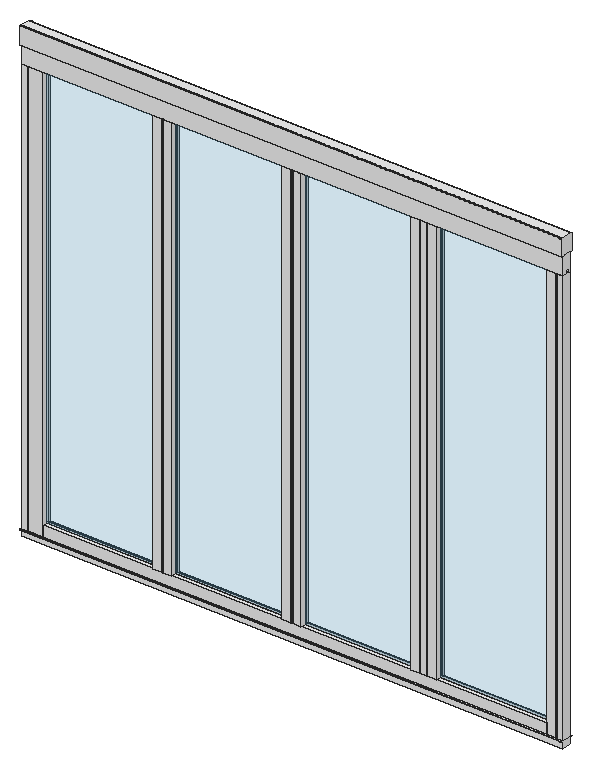
Revit family "98126", category Windows, host Wall, Revit 2018 (continued)
Definition of nested family "Header_HSW60"
  Definition of nested family "Headbottom_HSW60"
    Lines and regions (in)
      model lines, in view "Ref. Level"
        curve 423: line (-0.35496, -8.27911, 0) -> (-0.32789, -8.27911, 0)
        curve 424: line (-0.2442, -8.38461, 0) -> (-0.29373, -8.29883, 0)
        curve 425: line (-0.29373, -8.29883, 0) -> (-0.2442, -8.38461, 0)
        curve 426: line (0.21005, -8.40433, 0) -> (-0.21005, -8.40433, 0)
        curve 427: line (-0.21005, -8.40433, 0) -> (0.21005, -8.40433, 0)
        curve 428: line (0.29373, -8.29883, 0) -> (0.2442, -8.38461, 0)
        curve 429: line (0.2442, -8.38461, 0) -> (0.29373, -8.29883, 0)
        curve 430: line (0.4654, -8.23473, 0) -> (0.4441, -8.23473, 0)
        curve 431: line (0.4441, -8.23473, 0) -> (0.3684, -8.27844, 0)
        curve 432: line (0.36725, -8.27911, 0) -> (0.35496, -8.27911, 0)
        curve 433: line (0.35496, -8.27911, 0) -> (0.32789, -8.27911, 0)
        curve 434: line (0.32789, -8.27911, 0) -> (0.35496, -8.27911, 0)
        curve 435: line (0.35496, -8.27911, 0) -> (0.36725, -8.27911, 0)
        curve 436: line (0.3684, -8.27844, 0) -> (0.4441, -8.23473, 0)
        curve 437: line (0.4441, -8.23473, 0) -> (0.4654, -8.23473, 0)
        curve 438: line (0.35749, -8.35799, 0) -> (0.36725, -8.35799, 0)
        curve 439: line (0.3684, -8.35865, 0) -> (0.4441, -8.40236, 0)
        curve 440: line (0.4441, -8.40236, 0) -> (0.4654, -8.40236, 0)
        curve 441: line (0.4654, -8.40236, 0) -> (0.4441, -8.40236, 0)
        curve 442: line (0.4441, -8.40236, 0) -> (0.3684, -8.35865, 0)
        curve 443: line (0.36725, -8.35799, 0) -> (0.35749, -8.35799, 0)
        curve 444: line (0.35749, -8.35799, 0) -> (0.33239, -8.45147, 0)
        curve 445: line (0.33239, -8.45148, 0) -> (0.35523, -8.36623, 0)
        curve 446: line (-0.2647, -8.47927, 0) -> (0.2647, -8.47927, 0)
        curve 447: line (0.2647, -8.47927, 0) -> (-0.2647, -8.47927, 0)
        curve 448: line (0.28178, -8.46941, 0) -> (0.34041, -8.36785, 0)
        curve 449: line (0.34041, -8.36785, 0) -> (0.28178, -8.46941, 0)
        curve 450: line (-0.34041, -7.51988, 0) -> (-0.28178, -7.41832, 0)
        curve 451: line (-0.28178, -7.41832, 0) -> (-0.34041, -7.51988, 0)
        curve 452: line (-0.47329, -7.49325, 0) -> (-0.47329, -7.6451, 0)
        curve 453: line (-0.47329, -7.6451, 0) -> (-0.47329, -7.49325, 0)
        curve 454: line (-0.47329, -7.49325, 0) -> (-0.47329, -7.6451, 0)
        curve 455: line (-0.47329, -7.6451, 0) -> (-0.47329, -7.49325, 0)
        curve 456: line (-0.47329, -7.49325, 0) -> (-0.47329, -7.6451, 0)
        curve 457: line (-0.47329, -7.6451, 0) -> (-0.47329, -7.49325, 0)
        curve 458: line (-0.32789, -7.60862, 0) -> (-0.35496, -7.60862, 0)
        curve 459: line (-0.35496, -7.60862, 0) -> (-0.36725, -7.60862, 0)
        curve 460: line (-0.3684, -7.60929, 0) -> (-0.4441, -7.65299, 0)
        curve 461: line (-0.4441, -7.65299, 0) -> (-0.4654, -7.65299, 0)
        curve 462: line (-0.4654, -7.65299, 0) -> (-0.4441, -7.65299, 0)
        curve 463: line (-0.4441, -7.65299, 0) -> (-0.3684, -7.60929, 0)
        curve 464: line (-0.36725, -7.60862, 0) -> (-0.35496, -7.60862, 0)
        curve 465: line (-0.35496, -7.60862, 0) -> (-0.32789, -7.60862, 0)
        curve 466: line (-0.2442, -7.50311, 0) -> (-0.29373, -7.5889, 0)
        curve 467: line (-0.29373, -7.5889, 0) -> (-0.2442, -7.50311, 0)
        curve 468: line (0.21005, -7.48339, 0) -> (-0.21005, -7.48339, 0)
        curve 469: line (-0.21005, -7.48339, 0) -> (0.21005, -7.48339, 0)
        curve 470: line (0.29373, -7.5889, 0) -> (0.2442, -7.50311, 0)
        curve 471: line (0.2442, -7.50311, 0) -> (0.29373, -7.5889, 0)
        curve 472: line (0.47329, -7.49325, 0) -> (0.47329, -7.6451, 0)
        curve 473: line (0.47329, -7.6451, 0) -> (0.47329, -7.49325, 0)
        curve 474: line (0.47329, -7.49325, 0) -> (0.47329, -7.6451, 0)
        curve 475: line (0.47329, -7.6451, 0) -> (0.47329, -7.49325, 0)
        curve 476: line (0.47329, -7.49325, 0) -> (0.47329, -7.6451, 0)
        curve 477: line (0.47329, -7.6451, 0) -> (0.47329, -7.49325, 0)
        curve 478: line (0.33239, -7.43625, 0) -> (0.35749, -7.52974, 0)
        curve 479: line (0.35749, -7.52974, 0) -> (0.36725, -7.52974, 0)
        curve 480: line (0.3684, -7.52907, 0) -> (0.4441, -7.48537, 0)
        curve 481: line (0.4441, -7.48537, 0) -> (0.4654, -7.48537, 0)
        curve 482: line (0.4654, -7.48537, 0) -> (0.4441, -7.48537, 0)
        curve 483: line (0.4441, -7.48537, 0) -> (0.3684, -7.52907, 0)
        curve 484: line (0.36725, -7.52974, 0) -> (0.35749, -7.52974, 0)
        curve 485: line (0.35749, -7.52974, 0) -> (0.33239, -7.43625, 0)
        curve 486: line (0.28178, -7.41832, 0) -> (0.34041, -7.51988, 0)
        curve 487: line (0.34041, -7.51988, 0) -> (0.28178, -7.41832, 0)
        curve 488: line (-0.2647, -7.40846, 0) -> (0.2647, -7.40846, 0)
        curve 489: line (0.2647, -7.40846, 0) -> (-0.2647, -7.40846, 0)
        curve 490: line (1.01362, -4.94639, 0) -> (1.01362, -4.96611, 0)
        curve 491: line (1.01362, -4.96611, 0) -> (1.07278, -4.96611, 0)
        curve 492: line (1.07278, -4.96611, 0) -> (1.07278, -5.01738, 0)
        curve 493: line (1.07278, -5.01738, 0) -> (1.0294, -5.01738, 0)
        curve 494: line (1.0294, -5.01738, 0) -> (1.0294, -5.0371, 0)
        curve 495: line (1.0294, -5.0371, 0) -> (1.0294, -5.01738, 0)
        curve 496: line (1.0294, -5.01738, 0) -> (1.07278, -5.01738, 0)
        curve 497: line (1.07278, -5.01738, 0) -> (1.07278, -4.96611, 0)
        curve 498: line (1.07278, -4.96611, 0) -> (1.01362, -4.96611, 0)
        curve 499: line (1.01362, -4.96611, 0) -> (1.01362, -4.94639, 0)
        curve 500: line (1.12405, -8.47631, 0) -> (1.17138, -8.47631, 0)
        curve 501: line (1.17138, -8.47631, 0) -> (1.17138, -4.92667, 0)
        curve 502: line (1.17138, -4.92667, 0) -> (1.03334, -4.92667, 0)
        curve 503: line (1.03334, -4.92667, 0) -> (1.17138, -4.92667, 0)
        curve 504: line (1.17138, -4.92667, 0) -> (1.17138, -8.47631, 0)
        curve 505: line (1.17138, -8.47631, 0) -> (1.12405, -8.47631, 0)
        curve 506: line (1.10433, -8.35404, 0) -> (1.10433, -8.45659, 0)
        curve 507: line (1.10433, -8.45659, 0) -> (1.10433, -8.35404, 0)
        curve 508: line (0.93868, -8.1805, 0) -> (1.0008, -8.1805, 0)
        curve 509: line (1.0008, -8.1805, 0) -> (0.93868, -8.1805, 0)
        curve 510: line (0.93079, -8.26727, 0) -> (0.89924, -8.26727, 0)
        curve 511: line (0.89924, -8.26727, 0) -> (0.89924, -8.21994, 0)
        curve 512: line (0.89924, -8.21994, 0) -> (0.89924, -8.26727, 0)
        curve 513: line (0.89924, -8.26727, 0) -> (0.93079, -8.26727, 0)
        curve 514: line (0.90368, -8.43049, 0) -> (0.9495, -8.29324, 0)
        curve 515: line (0.9495, -8.29324, 0) -> (0.90368, -8.43049, 0)
        curve 516: line (0.35144, -8.47631, 0) -> (0.67169, -8.47631, 0)
        curve 517: line (0.67169, -8.47631, 0) -> (0.69218, -8.46448, 0)
        curve 518: line (0.69218, -8.46448, 0) -> (0.71267, -8.47631, 0)
        curve 519: line (0.71267, -8.47631, 0) -> (0.84008, -8.47631, 0)
        curve 520: line (0.84008, -8.47631, 0) -> (0.71267, -8.47631, 0)
        curve 521: line (0.71267, -8.47631, 0) -> (0.69218, -8.46448, 0)
        curve 522: line (0.69218, -8.46448, 0) -> (0.67169, -8.47631, 0)
        curve 523: line (0.67169, -8.47631, 0) -> (0.35144, -8.47631, 0)
        curve 524: line (0.46145, -8.41609, 0) -> (0.44249, -8.40514, 0)
        curve 525: line (0.44249, -8.40514, 0) -> (0.3668, -8.36144, 0)
        curve 526: line (0.3668, -8.36144, 0) -> (0.44249, -8.40514, 0)
        curve 527: line (0.44249, -8.40514, 0) -> (0.46145, -8.41609, 0)
        curve 528: line (0.47329, -8.22783, 0) -> (0.47329, -8.24262, 0)
        curve 529: line (0.47329, -8.24262, 0) -> (0.47329, -8.39447, 0)
        curve 530: line (0.47329, -8.39447, 0) -> (0.47329, -8.40926, 0)
        curve 531: line (0.47329, -8.40926, 0) -> (0.47329, -8.39447, 0)
        curve 532: line (0.47329, -8.39447, 0) -> (0.47329, -8.24262, 0)
        curve 533: line (0.47329, -8.24262, 0) -> (0.47329, -8.39447, 0)
        curve 534: line (0.47329, -8.39447, 0) -> (0.47329, -8.24262, 0)
        curve 535: line (0.47329, -8.24262, 0) -> (0.47329, -8.39447, 0)
        curve 536: line (0.47329, -8.39447, 0) -> (0.47329, -8.24262, 0)
        curve 537: line (0.47329, -8.24262, 0) -> (0.47329, -8.22783, 0)
        curve 538: line (0.3668, -8.27565, 0) -> (0.44249, -8.23195, 0)
        curve 539: line (0.44249, -8.23195, 0) -> (0.46145, -8.221, 0)
        curve 540: line (0.46145, -8.221, 0) -> (0.44249, -8.23195, 0)
        curve 541: line (0.44249, -8.23195, 0) -> (0.3668, -8.27565, 0)
        curve 542: line (0.35496, -8.27911, 0) -> (0.35496, -8.21417, 0)
        curve 543: line (0.35496, -8.21417, 0) -> (0.35496, -8.26882, 0)
        curve 544: line (0.37468, -7.70771, 0) -> (0.47329, -7.76464, 0)
        curve 545: line (0.47329, -7.76464, 0) -> (0.47329, -8.12309, 0)
        curve 546: line (0.47329, -8.12309, 0) -> (0.37468, -8.18001, 0)
        curve 547: line (0.37468, -8.18001, 0) -> (0.47329, -8.12309, 0)
        curve 548: line (0.47329, -8.12309, 0) -> (0.47329, -7.76464, 0)
        curve 549: line (0.47329, -7.76464, 0) -> (0.37468, -7.70771, 0)
        curve 550: line (0.4654, -7.65299, 0) -> (0.4441, -7.65299, 0)
        curve 551: line (0.4441, -7.65299, 0) -> (0.3684, -7.60929, 0)
        curve 552: line (0.36725, -7.60862, 0) -> (0.35496, -7.60862, 0)
        curve 553: line (0.35496, -7.60862, 0) -> (0.32789, -7.60862, 0)
        curve 554: line (0.32789, -7.60862, 0) -> (0.35496, -7.60862, 0)
        curve 555: line (0.35496, -7.60862, 0) -> (0.36725, -7.60862, 0)
        curve 556: line (0.3684, -7.60929, 0) -> (0.4441, -7.65299, 0)
        curve 557: line (0.4441, -7.65299, 0) -> (0.4654, -7.65299, 0)
        curve 558: line (0.4654, -7.65299, 0) -> (0.4441, -7.65299, 0)
        curve 559: line (0.4441, -7.65299, 0) -> (0.3684, -7.60929, 0)
        curve 560: line (0.36725, -7.60862, 0) -> (0.35496, -7.60862, 0)
        curve 561: line (0.35496, -7.60862, 0) -> (0.35496, -7.67355, 0)
        curve 562: line (0.35496, -7.67355, 0) -> (0.35496, -7.60862, 0)
        curve 563: line (0.65866, -7.41142, 0) -> (0.35144, -7.41142, 0)
        curve 564: line (0.35144, -7.41142, 0) -> (0.65866, -7.41142, 0)
        curve 565: line (0.77698, -7.10378, 0) -> (0.77698, -7.29309, 0)
        curve 566: line (0.77698, -7.29309, 0) -> (0.77698, -7.10378, 0)
        curve 567: line (0.93474, -7.08406, 0) -> (0.7967, -7.08406, 0)
        curve 568: line (0.7967, -7.08406, 0) -> (0.93474, -7.08406, 0)
        curve 569: line (1.01362, -6.19714, 0) -> (1.01362, -7.00518, 0)
        curve 570: line (1.01362, -7.00518, 0) -> (1.01362, -6.19714, 0)
        curve 571: line (0.91282, -6.00142, 0) -> (1.00305, -6.1577, 0)
        curve 572: line (1.00305, -6.1577, 0) -> (0.91282, -6.00142, 0)
        curve 573: line (0.6133, -5.99156, 0) -> (0.89575, -5.99156, 0)
        curve 574: line (0.89575, -5.99156, 0) -> (0.6133, -5.99156, 0)
        curve 575: line (0.55768, -6.10646, 0) -> (0.59477, -6.00453, 0)
        curve 576: line (0.59477, -6.00453, 0) -> (0.55768, -6.10646, 0)
        curve 577: line (0.48117, -5.81408, 0) -> (0.48117, -6.09297, 0)
        curve 578: line (0.48117, -6.09297, 0) -> (0.48117, -5.81408, 0)
        curve 579: line (1.03334, -5.79436, 0) -> (0.50089, -5.79436, 0)
        curve 580: line (0.50089, -5.79436, 0) -> (1.03334, -5.79436, 0)
        curve 581: line (1.07278, -5.22247, 0) -> (1.07278, -5.75492, 0)
        curve 582: line (1.07278, -5.75492, 0) -> (1.07278, -5.22247, 0)
        curve 583: line (0.8953, -5.26191, 0) -> (0.8953, -5.20275, 0)
        curve 584: line (0.8953, -5.20275, 0) -> (1.05306, -5.20275, 0)
        curve 585: line (1.05306, -5.20275, 0) -> (0.8953, -5.20275, 0)
        curve 586: line (0.8953, -5.20275, 0) -> (0.8953, -5.26191, 0)
        curve 587: line (0.84403, -5.28163, 0) -> (0.87558, -5.28163, 0)
        curve 588: line (0.87558, -5.28163, 0) -> (0.84403, -5.28163, 0)
        curve 589: line (0.71782, -5.20275, 0) -> (0.82431, -5.20275, 0)
        curve 590: line (0.82431, -5.20275, 0) -> (0.82431, -5.26191, 0)
        curve 591: line (0.82431, -5.26191, 0) -> (0.82431, -5.20275, 0)
        curve 592: line (0.82431, -5.20275, 0) -> (0.71782, -5.20275, 0)
        curve 593: line (0.6981, -4.94639, 0) -> (0.6981, -5.18303, 0)
        curve 594: line (0.6981, -5.18303, 0) -> (0.6981, -4.94639, 0)
        curve 595: line (0.81642, -4.92667, 0) -> (0.71782, -4.92667, 0)
        curve 596: line (0.71782, -4.92667, 0) -> (0.81642, -4.92667, 0)
        curve 597: line (0.82036, -5.0371, 0) -> (0.82036, -5.01738, 0)
        curve 598: line (0.82036, -5.01738, 0) -> (0.77698, -5.01738, 0)
        curve 599: line (0.77698, -5.01738, 0) -> (0.77698, -4.96611, 0)
        curve 600: line (0.77698, -4.96611, 0) -> (0.83614, -4.96611, 0)
        curve 601: line (0.83614, -4.96611, 0) -> (0.83614, -4.94639, 0)
        curve 602: line (0.83614, -4.94639, 0) -> (0.83614, -4.96611, 0)
        curve 603: line (0.83614, -4.96611, 0) -> (0.77698, -4.96611, 0)
        curve 604: line (0.77698, -4.96611, 0) -> (0.77698, -5.01738, 0)
        curve 605: line (0.77698, -5.01738, 0) -> (0.82036, -5.01738, 0)
        curve 606: line (0.82036, -5.01738, 0) -> (0.82036, -5.0371, 0)
        curve 607: line (1.04912, -5.05682, 0) -> (1.07278, -5.05682, 0)
        curve 608: line (1.07278, -5.05682, 0) -> (1.07278, -5.12387, 0)
        curve 609: line (1.07278, -5.12387, 0) -> (0.77698, -5.12387, 0)
        curve 610: line (0.77698, -5.12387, 0) -> (0.77698, -5.05682, 0)
        curve 611: line (0.77698, -5.05682, 0) -> (0.80064, -5.05682, 0)
        curve 612: line (0.80064, -5.05682, 0) -> (0.77698, -5.05682, 0)
        curve 613: line (0.77698, -5.05682, 0) -> (0.77698, -5.12387, 0)
        curve 614: line (0.77698, -5.12387, 0) -> (1.07278, -5.12387, 0)
        curve 615: line (1.07278, -5.12387, 0) -> (1.07278, -5.05682, 0)
        curve 616: line (1.07278, -5.05682, 0) -> (1.04912, -5.05682, 0)
        curve 617: line (0.84008, -8.21994, 0) -> (0.84008, -8.40926, 0)
        curve 618: line (0.84008, -8.40926, 0) -> (0.55217, -8.40926, 0)
        curve 619: line (0.55217, -8.40926, 0) -> (0.55217, -7.47846, 0)
        curve 620: line (0.55217, -7.47846, 0) -> (0.66072, -7.47846, 0)
        curve 621: line (0.66072, -7.47846, 0) -> (0.55217, -7.47846, 0)
        curve 622: line (0.55217, -7.47846, 0) -> (0.55217, -8.40926, 0)
        curve 623: line (0.55217, -8.40926, 0) -> (0.84008, -8.40926, 0)
        curve 624: line (0.84008, -8.40926, 0) -> (0.84008, -8.21994, 0)
        curve 625: line (0.84403, -7.3207, 0) -> (0.86375, -7.3207, 0)
        curve 626: line (0.86375, -7.3207, 0) -> (0.86375, -7.24182, 0)
        curve 627: line (0.86375, -7.24182, 0) -> (0.84403, -7.24182, 0)
        curve 628: line (0.84403, -7.24182, 0) -> (0.84403, -7.16294, 0)
        curve 629: line (0.84403, -7.16294, 0) -> (1.10039, -7.16294, 0)
        curve 630: line (1.10039, -7.16294, 0) -> (1.10039, -8.11346, 0)
        curve 631: line (1.10039, -8.11346, 0) -> (0.94657, -8.11346, 0)
        curve 632: line (0.94657, -8.11346, 0) -> (1.10039, -8.11346, 0)
        curve 633: line (1.10039, -8.11346, 0) -> (1.10039, -7.16294, 0)
        curve 634: line (1.10039, -7.16294, 0) -> (0.84403, -7.16294, 0)
        curve 635: line (0.84403, -7.16294, 0) -> (0.84403, -7.24182, 0)
        curve 636: line (0.84403, -7.24182, 0) -> (0.86375, -7.24182, 0)
        curve 637: line (0.86375, -7.24182, 0) -> (0.86375, -7.3207, 0)
        curve 638: line (0.86375, -7.3207, 0) -> (0.84403, -7.3207, 0)
        curve 639: line (-0.84196, -7.3207, 0) -> (-0.86375, -7.3207, 0)
        curve 640: line (-0.86375, -7.3207, 0) -> (-0.86375, -7.24182, 0)
        curve 641: line (-0.86375, -7.24182, 0) -> (-0.84403, -7.24182, 0)
        curve 642: line (-0.84403, -7.24182, 0) -> (-0.84403, -7.16294, 0)
        curve 643: line (-0.84403, -7.16294, 0) -> (-1.10039, -7.16294, 0)
        curve 644: line (-1.10039, -7.16294, 0) -> (-1.10039, -8.33038, 0)
        curve 645: line (-1.10039, -8.33038, 0) -> (-0.97671, -8.33038, 0)
        curve 646: line (-0.97671, -8.33038, 0) -> (-0.84008, -8.40926, 0)
        curve 647: line (-0.84008, -8.40926, 0) -> (-0.55217, -8.40926, 0)
        curve 648: line (-0.55217, -8.40926, 0) -> (-0.55217, -7.47846, 0)
        curve 649: line (-0.55217, -7.47846, 0) -> (-0.65866, -7.47846, 0)
        curve 650: line (-0.65866, -7.47846, 0) -> (-0.55217, -7.47846, 0)
        curve 651: line (-0.55217, -7.47846, 0) -> (-0.55217, -8.40926, 0)
        curve 652: line (-0.55217, -8.40926, 0) -> (-0.84008, -8.40926, 0)
        curve 653: line (-0.84008, -8.40926, 0) -> (-0.97671, -8.33038, 0)
        curve 654: line (-0.97671, -8.33038, 0) -> (-1.10039, -8.33038, 0)
        curve 655: line (-1.10039, -8.33038, 0) -> (-1.10039, -7.16294, 0)
        curve 656: line (-1.10039, -7.16294, 0) -> (-0.84403, -7.16294, 0)
        curve 657: line (-0.84403, -7.16294, 0) -> (-0.84403, -7.24182, 0)
        curve 658: line (-0.84403, -7.24182, 0) -> (-0.86375, -7.24182, 0)
        curve 659: line (-0.86375, -7.24182, 0) -> (-0.86375, -7.3207, 0)
        curve 660: line (-0.86375, -7.3207, 0) -> (-0.84196, -7.3207, 0)
        curve 661: line (-1.0294, -5.0371, 0) -> (-1.0294, -5.01738, 0)
        curve 662: line (-1.0294, -5.01738, 0) -> (-1.07278, -5.01738, 0)
        curve 663: line (-1.07278, -5.01738, 0) -> (-1.07278, -4.96611, 0)
        curve 664: line (-1.07278, -4.96611, 0) -> (-1.01362, -4.96611, 0)
        curve 665: line (-1.01362, -4.96611, 0) -> (-1.01362, -4.94639, 0)
        curve 666: line (-1.01362, -4.94639, 0) -> (-1.01362, -4.96611, 0)
        curve 667: line (-1.01362, -4.96611, 0) -> (-1.07278, -4.96611, 0)
        curve 668: line (-1.07278, -4.96611, 0) -> (-1.07278, -5.01738, 0)
        curve 669: line (-1.07278, -5.01738, 0) -> (-1.0294, -5.01738, 0)
        curve 670: line (-1.0294, -5.01738, 0) -> (-1.0294, -5.0371, 0)
        curve 671: line (-1.03334, -4.92667, 0) -> (-1.17138, -4.92667, 0)
        curve 672: line (-1.17138, -4.92667, 0) -> (-1.17138, -9.24934, 0)
        curve 673: line (-1.17138, -9.24934, 0) -> (-0.9939, -9.24934, 0)
        curve 674: line (-0.9939, -9.24934, 0) -> (-0.9939, -9.16257, 0)
        curve 675: line (-0.9939, -9.16257, 0) -> (-0.9939, -9.24934, 0)
        curve 676: line (-0.9939, -9.24934, 0) -> (-1.17138, -9.24934, 0)
        curve 677: line (-1.17138, -9.24934, 0) -> (-1.17138, -4.92667, 0)
        curve 678: line (-1.17138, -4.92667, 0) -> (-1.03334, -4.92667, 0)
        curve 679: line (-1.00573, -9.15074, 0) -> (-1.03334, -9.15074, 0)
        curve 680: line (-1.03334, -9.15074, 0) -> (-1.03334, -9.19018, 0)
        curve 681: line (-1.03334, -9.19018, 0) -> (-1.11222, -9.19018, 0)
        curve 682: line (-1.11222, -9.19018, 0) -> (-1.11222, -8.83127, 0)
        curve 683: line (-1.11222, -8.83127, 0) -> (-1.03334, -8.83127, 0)
        curve 684: line (-1.03334, -8.83127, 0) -> (-1.03334, -8.87071, 0)
        curve 685: line (-1.03334, -8.87071, 0) -> (-1.00573, -8.87071, 0)
        curve 686: line (-1.00573, -8.87071, 0) -> (-1.03334, -8.87071, 0)
        curve 687: line (-1.03334, -8.87071, 0) -> (-1.03334, -8.83127, 0)
        curve 688: line (-1.03334, -8.83127, 0) -> (-1.11222, -8.83127, 0)
        curve 689: line (-1.11222, -8.83127, 0) -> (-1.11222, -9.19018, 0)
        curve 690: line (-1.11222, -9.19018, 0) -> (-1.03334, -9.19018, 0)
        curve 691: line (-1.03334, -9.19018, 0) -> (-1.03334, -9.15074, 0)
        curve 692: line (-1.03334, -9.15074, 0) -> (-1.00573, -9.15074, 0)
        curve 693: line (-0.9939, -8.85888, 0) -> (-0.9939, -8.8155, 0)
        curve 694: line (-0.9939, -8.8155, 0) -> (-0.9939, -8.85888, 0)
        curve 695: line (-1.03334, -8.77606, 0) -> (-1.10039, -8.77606, 0)
        curve 696: line (-1.10039, -8.77606, 0) -> (-1.10039, -8.39743, 0)
        curve 697: line (-1.10039, -8.39743, 0) -> (-0.99467, -8.39743, 0)
        curve 698: line (-0.99467, -8.39743, 0) -> (-0.87361, -8.46732, 0)
        curve 699: line (-0.87361, -8.46732, 0) -> (-0.99467, -8.39743, 0)
        curve 700: line (-0.99467, -8.39743, 0) -> (-1.10039, -8.39743, 0)
        curve 701: line (-1.10039, -8.39743, 0) -> (-1.10039, -8.77606, 0)
        curve 702: line (-1.10039, -8.77606, 0) -> (-1.03334, -8.77606, 0)
        curve 703: line (-0.84008, -8.47631, 0) -> (-0.71267, -8.47631, 0)
        curve 704: line (-0.71267, -8.47631, 0) -> (-0.69218, -8.46448, 0)
        curve 705: line (-0.69218, -8.46448, 0) -> (-0.67203, -8.47611, 0)
        curve 706: line (-0.67169, -8.47631, 0) -> (-0.35144, -8.47631, 0)
        curve 707: line (-0.35144, -8.47631, 0) -> (-0.67169, -8.47631, 0)
        curve 708: line (-0.67169, -8.47631, 0) -> (-0.69218, -8.46448, 0)
        curve 709: line (-0.69218, -8.46448, 0) -> (-0.71267, -8.47631, 0)
        curve 710: line (-0.71267, -8.47631, 0) -> (-0.84008, -8.47631, 0)
        curve 711: line (-0.37468, -7.70771, 0) -> (-0.47329, -7.76464, 0)
        curve 712: line (-0.47329, -7.76464, 0) -> (-0.47329, -8.12309, 0)
        curve 713: line (-0.47329, -8.12309, 0) -> (-0.37468, -8.18001, 0)
        curve 714: line (-0.37468, -8.18001, 0) -> (-0.47329, -8.12309, 0)
        curve 715: line (-0.47329, -8.12309, 0) -> (-0.47329, -7.76464, 0)
        curve 716: line (-0.47329, -7.76464, 0) -> (-0.37468, -7.70771, 0)
        curve 717: line (-0.4654, -7.65299, 0) -> (-0.4441, -7.65299, 0)
        curve 718: line (-0.4441, -7.65299, 0) -> (-0.3684, -7.60929, 0)
        curve 719: line (-0.36725, -7.60862, 0) -> (-0.35496, -7.60862, 0)
        curve 720: line (-0.35496, -7.60862, 0) -> (-0.35496, -7.67355, 0)
        curve 721: line (-0.35496, -7.67355, 0) -> (-0.35496, -7.60862, 0)
        curve 722: line (-0.35144, -7.41142, 0) -> (-0.65866, -7.41142, 0)
        curve 723: line (-0.65866, -7.41142, 0) -> (-0.35144, -7.41142, 0)
        curve 724: line (-0.7967, -7.08406, 0) -> (-0.93474, -7.08406, 0)
        curve 725: line (-0.93474, -7.08406, 0) -> (-0.7967, -7.08406, 0)
        curve 726: line (-1.01362, -7.00518, 0) -> (-1.01362, -6.19714, 0)
        curve 727: line (-1.01362, -6.19714, 0) -> (-1.01362, -7.00518, 0)
        curve 728: line (-1.00305, -6.1577, 0) -> (-0.91282, -6.00142, 0)
        curve 729: line (-0.91282, -6.00142, 0) -> (-1.00305, -6.1577, 0)
        curve 730: line (-0.89575, -5.99156, 0) -> (-0.6133, -5.99156, 0)
        curve 731: line (-0.6133, -5.99156, 0) -> (-0.89575, -5.99156, 0)
        curve 732: line (-0.59477, -6.00453, 0) -> (-0.55768, -6.10646, 0)
        curve 733: line (-0.55768, -6.10646, 0) -> (-0.59477, -6.00453, 0)
        curve 734: line (-0.48117, -6.09297, 0) -> (-0.48117, -5.81408, 0)
        curve 735: line (-0.48117, -5.81408, 0) -> (-0.48117, -6.09297, 0)
        curve 736: line (-0.50089, -5.79436, 0) -> (-1.03334, -5.79436, 0)
        curve 737: line (-1.03334, -5.79436, 0) -> (-0.50089, -5.79436, 0)
        curve 738: line (-1.07278, -5.75492, 0) -> (-1.07278, -5.22247, 0)
        curve 739: line (-1.07278, -5.22247, 0) -> (-1.07278, -5.75492, 0)
        curve 740: line (-1.05306, -5.20275, 0) -> (-0.8953, -5.20275, 0)
        curve 741: line (-0.8953, -5.20275, 0) -> (-0.8953, -5.26191, 0)
        curve 742: line (-0.8953, -5.26191, 0) -> (-0.8953, -5.20275, 0)
        curve 743: line (-0.8953, -5.20275, 0) -> (-1.05306, -5.20275, 0)
        curve 744: line (-0.87558, -5.28163, 0) -> (-0.84403, -5.28163, 0)
        curve 745: line (-0.84403, -5.28163, 0) -> (-0.87558, -5.28163, 0)
        curve 746: line (-0.82431, -5.26191, 0) -> (-0.82431, -5.20275, 0)
        curve 747: line (-0.82431, -5.20275, 0) -> (-0.71782, -5.20275, 0)
        curve 748: line (-0.71782, -5.20275, 0) -> (-0.82431, -5.20275, 0)
        curve 749: line (-0.82431, -5.20275, 0) -> (-0.82431, -5.26191, 0)
        curve 750: line (-0.6981, -5.18303, 0) -> (-0.6981, -4.94639, 0)
        curve 751: line (-0.6981, -4.94639, 0) -> (-0.6981, -5.18303, 0)
        curve 752: line (-0.71782, -4.92667, 0) -> (-0.81642, -4.92667, 0)
        curve 753: line (-0.81642, -4.92667, 0) -> (-0.71782, -4.92667, 0)
        curve 754: line (-0.83614, -4.94639, 0) -> (-0.83614, -4.96611, 0)
        curve 755: line (-0.83614, -4.96611, 0) -> (-0.77698, -4.96611, 0)
        curve 756: line (-0.77698, -4.96611, 0) -> (-0.77698, -5.01738, 0)
        curve 757: line (-0.77698, -5.01738, 0) -> (-0.82036, -5.01738, 0)
        curve 758: line (-0.82036, -5.01738, 0) -> (-0.82036, -5.0371, 0)
        curve 759: line (-0.82036, -5.0371, 0) -> (-0.82036, -5.01738, 0)
        curve 760: line (-0.82036, -5.01738, 0) -> (-0.77698, -5.01738, 0)
        curve 761: line (-0.77698, -5.01738, 0) -> (-0.77698, -4.96611, 0)
        curve 762: line (-0.77698, -4.96611, 0) -> (-0.83614, -4.96611, 0)
        curve 763: line (-0.83614, -4.96611, 0) -> (-0.83614, -4.94639, 0)
        curve 764: line (-0.80064, -5.05682, 0) -> (-0.77698, -5.05682, 0)
        curve 765: line (-0.77698, -5.05682, 0) -> (-0.77698, -5.12387, 0)
        curve 766: line (-0.77698, -5.12387, 0) -> (-1.07278, -5.12387, 0)
        curve 767: line (-1.07278, -5.12387, 0) -> (-1.07278, -5.05682, 0)
        curve 768: line (-1.07278, -5.05682, 0) -> (-1.04912, -5.05682, 0)
        curve 769: line (-1.04912, -5.05682, 0) -> (-1.07278, -5.05682, 0)
        curve 770: line (-1.07278, -5.05682, 0) -> (-1.07278, -5.12387, 0)
        curve 771: line (-1.07278, -5.12387, 0) -> (-0.77698, -5.12387, 0)
        curve 772: line (-0.77698, -5.12387, 0) -> (-0.77698, -5.05682, 0)
        curve 773: line (-0.77698, -5.05682, 0) -> (-0.80064, -5.05682, 0)
        curve 774: line (-0.77698, -7.29309, 0) -> (-0.77698, -7.10378, 0)
        curve 775: line (-0.77698, -7.10378, 0) -> (-0.77698, -7.29309, 0)
        curve 776: line (-0.35749, -8.35799, 0) -> (-0.36725, -8.35799, 0)
        curve 777: line (-0.3684, -8.35865, 0) -> (-0.4441, -8.40236, 0)
        curve 778: line (-0.4441, -8.40236, 0) -> (-0.4654, -8.40236, 0)
        curve 779: line (-0.4654, -8.40236, 0) -> (-0.4441, -8.40236, 0)
        curve 780: line (-0.4441, -8.40236, 0) -> (-0.3684, -8.35865, 0)
        curve 781: line (-0.36725, -8.35799, 0) -> (-0.35749, -8.35799, 0)
        curve 782: line (-0.35749, -8.35799, 0) -> (-0.33239, -8.45147, 0)
        curve 783: line (-0.33239, -8.45147, 0) -> (-0.35749, -8.35799, 0)
        curve 784: line (-0.35749, -8.35799, 0) -> (-0.36725, -8.35799, 0)
        curve 785: line (-0.3684, -8.35865, 0) -> (-0.4441, -8.40236, 0)
        curve 786: line (-0.4441, -8.40236, 0) -> (-0.4654, -8.40236, 0)
        curve 787: line (-0.35749, -7.52974, 0) -> (-0.36725, -7.52974, 0)
        curve 788: line (-0.3684, -7.52907, 0) -> (-0.4441, -7.48537, 0)
        curve 789: line (-0.4441, -7.48537, 0) -> (-0.4654, -7.48537, 0)
        curve 790: line (-0.4654, -7.48537, 0) -> (-0.4441, -7.48537, 0)
        curve 791: line (-0.4441, -7.48537, 0) -> (-0.3684, -7.52907, 0)
        curve 792: line (-0.36725, -7.52974, 0) -> (-0.35744, -7.52974, 0)
        curve 793: line (-0.35744, -7.52974, 0) -> (-0.33239, -7.43624, 0)
        curve 794: line (-0.33239, -7.43625, 0) -> (-0.35749, -7.52974, 0)
        curve 795: line (-0.35749, -7.52974, 0) -> (-0.36725, -7.52974, 0)
        curve 796: line (-0.3684, -7.52907, 0) -> (-0.4441, -7.48537, 0)
        curve 797: line (-0.4441, -7.48537, 0) -> (-0.4654, -7.48537, 0)
        curve 798: line (0.31947, -8.67331, 0) -> (-1.10039, -8.47611, 0)
        curve 799: line (-1.10039, -8.47611, 0) -> (0.31947, -8.47611, 0)
        curve 800: line (0.31947, -8.47611, 0) -> (-1.10039, -8.67331, 0)
        curve 801: line (-1.10039, -8.67331, 0) -> (0.31947, -8.67331, 0)
        curve 802: line (0.31947, -8.67331, 0) -> (0.31947, -8.47611, 0)
        curve 803: line (-1.10039, -8.67331, 0) -> (-1.10039, -8.47611, 0)
        curve 804: line (-1.08771, -8.89353, 0) -> (-1.03334, -8.83916, 0)
        curve 805: line (-1.03334, -8.83916, 0) -> (-1.03334, -8.87071, 0)
        curve 806: line (-1.03334, -8.87071, 0) -> (-0.9939, -8.87071, 0)
        curve 807: line (-0.9939, -8.87071, 0) -> (-0.9939, -8.83916, 0)
        curve 808: line (-0.9939, -8.83916, 0) -> (-0.98601, -8.83916, 0)
        curve 809: line (-1.07551, -8.93033, 0) -> (-1.08508, -8.92363, 0)
        curve 810: line (-1.04187, -9.03439, 0) -> (-1.04187, -8.99495, 0)
        curve 811: line (-0.95643, -8.87071, 0) -> (-0.95643, -9.08549, 0)
        curve 812: line (-0.9939, -9.24934, 0) -> (-0.9939, -9.15074, 0)
        curve 813: line (-0.9939, -9.15074, 0) -> (-1.03334, -9.15074, 0)
        curve 814: line (-1.03334, -9.15074, 0) -> (-1.03334, -9.19018, 0)
        curve 815: line (-1.03334, -9.19018, 0) -> (-1.08771, -9.13581, 0)
        curve 816: line (-1.08508, -9.10571, 0) -> (-1.07551, -9.09901, 0)
        curve 817: line (-0.83614, -9.27731, 0) -> (-0.83614, -9.15242, 0)
        curve 818: line (0.52898, -8.48786, 0) -> (0.34333, -8.67351, 0)
        curve 819: line (0.34333, -8.67351, 0) -> (0.34333, -8.92742, 0)
        curve 820: line (0.34333, -8.92742, 0) -> (0.12999, -8.96573, 0)
        curve 821: line (0.40249, -8.90226, 0) -> (0.40249, -8.72562, 0)
        curve 822: line (1.15166, -8.47631, 0) -> (1.17138, -8.47631, 0)
        curve 823: line (1.17138, -8.47631, 0) -> (1.17138, -9.26512, 0)
        curve 824: line (1.17138, -9.26512, 0) -> (0.42201, -9.26512, 0)
        curve 825: line (0.42201, -9.26512, 0) -> (0.42201, -9.16652, 0)
        curve 826: line (0.42201, -9.16652, 0) -> (0.46145, -9.16652, 0)
        curve 827: line (0.46145, -9.16652, 0) -> (0.43385, -9.16652, 0)
        curve 828: line (0.13821, -9.18982, 0) -> (0.34313, -9.15299, 0)
        curve 829: line (0.34313, -9.15299, 0) -> (0.34313, -9.24558, 0)
        curve 830: line (0.34313, -9.24558, 0) -> (0.12675, -9.31756, 0)
        curve 831: line (0.1341, -9.36372, 0) -> (0.19326, -9.36372, 0)
        curve 832: line (0.19326, -9.36372, 0) -> (0.46674, -9.32428, 0)
        curve 833: line (0.46674, -9.32428, 0) -> (0.50089, -9.26512, 0)
        curve 834: line (0.50089, -9.26512, 0) -> (0.42201, -9.26512, 0)
        curve 835: line (0.42201, -9.26512, 0) -> (0.42201, -9.17835, 0)
        curve 836: line (0.1341, -9.0127, 0) -> (0.34313, -9.0127, 0)
        curve 837: line (0.34313, -9.0127, 0) -> (0.34313, -9.06381, 0)
        curve 838: line (0.34313, -9.06381, 0) -> (0.126, -9.14428, 0)
        curve 839: line (0.42201, -8.67849, 0) -> (0.59053, -8.50997, 0)
        curve 840: line (0.57659, -8.47631, 0) -> (0.55687, -8.47631, 0)
        curve 841: line (0.65077, -9.19807, 0) -> (1.06489, -9.19807, 0)
        curve 842: line (0.42201, -8.87466, 0) -> (0.42201, -8.79183, 0)
        curve 843: line (0.42201, -8.79183, 0) -> (0.57189, -8.79183, 0)
        curve 844: line (0.43385, -8.88649, 0) -> (0.46145, -8.88649, 0)
        curve 845: line (0.46145, -8.88649, 0) -> (0.46145, -8.84705, 0)
        curve 846: line (0.46145, -8.84705, 0) -> (0.55217, -8.84705, 0)
        curve 847: line (0.55217, -8.84705, 0) -> (0.55217, -9.20596, 0)
        curve 848: line (0.55217, -9.20596, 0) -> (0.46145, -9.20596, 0)
        curve 849: line (0.46145, -9.20596, 0) -> (0.46145, -9.16652, 0)
        curve 850: line (0.46145, -9.16652, 0) -> (0.46145, -9.1468, 0)
        curve 851: line (0.46145, -9.1468, 0) -> (0.39967, -8.95734, 0)
        curve 852: line (0.61133, -8.83127, 0) -> (0.61133, -9.15863, 0)
        curve 853: line (1.04912, -8.27122, 0) -> (1.04912, -8.38165, 0)
        curve 854: line (1.04912, -8.38165, 0) -> (1.09278, -8.42532, 0)
        curve 855: line (1.10433, -9.15863, 0) -> (1.10433, -8.55519, 0)
        curve 856: line (1.10433, -8.55519, 0) -> (1.04912, -8.49997, 0)
        curve 857: line (1.04912, -8.49997, 0) -> (1.04912, -8.45974, 0)
        curve 858: line (1.04912, -8.45974, 0) -> (0.9939, -8.40452, 0)
        curve 859: line (0.9939, -8.40452, 0) -> (0.9939, -8.29488, 0)
        curve 860: line (0.93277, -8.19234, 0) -> (0.97024, -8.19234, 0)
        curve 861: line (0.95446, -8.25544, 0) -> (0.93277, -8.25544, 0)
        curve 862: line (1.10433, -8.4532, 0) -> (1.10433, -8.47631, 0)
        curve 863: line (0.11043, -9.34005, 0) -> (0.11043, -8.67331, 0)
        curve 864: line (0.11043, -8.67331, 0) -> (-0.83614, -8.67331, 0)
        curve 865: line (-0.83614, -8.67331, 0) -> (-0.83614, -9.27731, 0)
        curve 866: line (0.4654, -7.48537, 0) -> (0.4441, -7.48537, 0)
        curve 867: line (0.4441, -7.48537, 0) -> (0.3684, -7.52907, 0)
        curve 868: line (0.36725, -7.52974, 0) -> (0.35749, -7.52974, 0)
        curve 869: line (-0.4654, -8.23473, 0) -> (-0.4441, -8.23473, 0)
        curve 870: line (-0.4441, -8.23473, 0) -> (-0.3684, -8.27844, 0)
        curve 871: line (-0.36725, -8.27911, 0) -> (-0.35496, -8.27911, 0)
        curve 872: line (-0.35496, -8.27911, 0) -> (-0.35496, -8.21417, 0)
        curve 873: line (-0.35496, -8.21417, 0) -> (-0.35496, -8.27911, 0)
  Definition of nested family "Headtop_HSW60"
    Parameters
      Assembly Code = ""
      95 CSI = ""
      04 CSI = ""
    Reference planes (in)
      plane 1 "Center (Front/Back)": y = 0
      plane 2: z = 0
      plane 3 "Center (Left/Right)": x = 0
    Lines and regions (in)
      model lines, in view "Ref. Level"
        curve 1: arc (-1.26209, -0.56005, 0) -> (-1.27604, -0.56583, 0) -> (-1.28181, -0.57977, 0) r 0.01972
        curve 2: arc (-1.28181, -0.36285, 0) -> (-1.27604, -0.3768, 0) -> (-1.26209, -0.38257, 0) r 0.01972
        curve 3: arc (-1.35624, -0.47176, 0) -> (-1.35281, -0.46343, 0) -> (-1.35624, -0.4551, 0) r 0.01183
        curve 4: arc (-1.40443, -0.40649, 0) -> (-1.41271, -0.40462, 0) -> (-1.41789, -0.41135, 0) r 0.00789
        curve 5: arc (-1.41789, -0.5155, 0) -> (-1.41271, -0.52223, 0) -> (-1.40443, -0.52037, 0) r 0.00789
        curve 6: arc (-1.14984, -0.52009, 0) -> (-1.12583, -0.46343, 0) -> (-1.14984, -0.40676, 0) r 0.07888
        curve 7: arc (1.28181, -0.57977, 0) -> (1.27604, -0.56583, 0) -> (1.26209, -0.56005, 0) r 0.01972
        curve 8: arc (1.26209, -0.38257, 0) -> (1.27604, -0.3768, 0) -> (1.28181, -0.36285, 0) r 0.01972
        curve 9: arc (1.35624, -0.4551, 0) -> (1.35281, -0.46343, 0) -> (1.35624, -0.47176, 0) r 0.01183
        curve 10: arc (1.41789, -0.41135, 0) -> (1.41271, -0.40462, 0) -> (1.40443, -0.40649, 0) r 0.00789
        curve 11: arc (1.40443, -0.52037, 0) -> (1.41271, -0.52223, 0) -> (1.41789, -0.5155, 0) r 0.00789
        curve 12: arc (1.14984, -0.40676, 0) -> (1.12583, -0.46343, 0) -> (1.14984, -0.52009, 0) r 0.07888
        curve 13: arc (1.4179, -4.15492, 0) -> (1.41273, -4.14819, 0) -> (1.40445, -4.15004, 0) r 0.00789
        curve 14: arc (1.35625, -4.19854, 0) -> (1.35281, -4.20688, 0) -> (1.35625, -4.21522, 0) r 0.01183
        curve 15: arc (1.40445, -4.26371, 0) -> (1.41273, -4.26557, 0) -> (1.4179, -4.25884, 0) r 0.00789
        curve 16: arc (1.51057, -4.51254, 0) -> (1.51635, -4.52649, 0) -> (1.53029, -4.53226, 0) r 0.01972
        curve 17: arc (1.5579, -4.53226, 0) -> (1.57184, -4.52649, 0) -> (1.57762, -4.51254, 0) r 0.01972
        curve 18: arc (1.57762, -0.15437, 0) -> (1.57184, -0.14043, 0) -> (1.5579, -0.13465, 0) r 0.01972
        curve 19: arc (1.53029, -0.13465, 0) -> (1.51635, -0.14043, 0) -> (1.51057, -0.15437, 0) r 0.01972
        curve 20: arc (1.4179, -0.40807, 0) -> (1.41273, -0.40135, 0) -> (1.40445, -0.4032, 0) r 0.00789
        curve 21: arc (1.35625, -0.45169, 0) -> (1.35281, -0.46003, 0) -> (1.35625, -0.46838, 0) r 0.01183
        curve 22: arc (1.40445, -0.51687, 0) -> (1.41273, -0.51872, 0) -> (1.4179, -0.51199, 0) r 0.00789
        curve 23: arc (1.43447, -2.12278, 0) -> (1.42393, -2.12983, 0) -> (1.41986, -2.14183, 0) r 0.01972
        curve 24: arc (1.41986, -2.17767, 0) -> (1.42294, -2.18392, 0) -> (1.42979, -2.18529, 0) r 0.00789
        curve 25: arc (1.51057, -2.17392, 0) -> (1.50748, -2.16766, 0) -> (1.50064, -2.1663, 0) r 0.00789
        curve 26: arc (1.50064, -2.50061, 0) -> (1.50748, -2.49925, 0) -> (1.51057, -2.49299, 0) r 0.00789
        curve 27: arc (1.42979, -2.48163, 0) -> (1.42294, -2.48299, 0) -> (1.41986, -2.48925, 0) r 0.00789
        curve 28: arc (1.41986, -2.52508, 0) -> (1.42393, -2.53709, 0) -> (1.43447, -2.54413, 0) r 0.01972
        curve 29: arc (-1.40445, -4.15004, 0) -> (-1.41273, -4.14819, 0) -> (-1.4179, -4.15492, 0) r 0.00789
        curve 30: arc (-1.35625, -4.21522, 0) -> (-1.35281, -4.20688, 0) -> (-1.35625, -4.19854, 0) r 0.01183
        curve 31: arc (-1.4179, -4.25884, 0) -> (-1.41273, -4.26557, 0) -> (-1.40445, -4.26371, 0) r 0.00789
        curve 32: arc (-1.53029, -4.53226, 0) -> (-1.51635, -4.52649, 0) -> (-1.51057, -4.51254, 0) r 0.01972
        curve 33: arc (-1.57762, -4.51254, 0) -> (-1.57184, -4.52649, 0) -> (-1.5579, -4.53226, 0) r 0.01972
        curve 34: arc (-1.5579, -0.13465, 0) -> (-1.57184, -0.14043, 0) -> (-1.57762, -0.15437, 0) r 0.01972
        curve 35: arc (-1.51057, -0.15437, 0) -> (-1.51635, -0.14043, 0) -> (-1.53029, -0.13465, 0) r 0.01972
        curve 36: arc (-1.40445, -0.4032, 0) -> (-1.41273, -0.40135, 0) -> (-1.4179, -0.40807, 0) r 0.00789
        curve 37: arc (-1.35625, -0.46838, 0) -> (-1.35281, -0.46003, 0) -> (-1.35625, -0.45169, 0) r 0.01183
        curve 38: arc (-1.4179, -0.51199, 0) -> (-1.41273, -0.51872, 0) -> (-1.40445, -0.51687, 0) r 0.00789
        curve 39: arc (-1.41986, -2.14183, 0) -> (-1.42393, -2.12983, 0) -> (-1.43447, -2.12278, 0) r 0.01972
        curve 40: arc (-1.42979, -2.18529, 0) -> (-1.42294, -2.18392, 0) -> (-1.41986, -2.17767, 0) r 0.00789
        curve 41: arc (-1.50064, -2.1663, 0) -> (-1.50748, -2.16766, 0) -> (-1.51057, -2.17392, 0) r 0.00789
        curve 42: arc (-1.51057, -2.49299, 0) -> (-1.50748, -2.49925, 0) -> (-1.50064, -2.50061, 0) r 0.00789
        curve 43: arc (-1.41986, -2.48925, 0) -> (-1.42294, -2.48299, 0) -> (-1.42979, -2.48163, 0) r 0.00789
        curve 44: arc (-1.43447, -2.54413, 0) -> (-1.42393, -2.53709, 0) -> (-1.41986, -2.52508, 0) r 0.01972
        curve 45: arc (-0.97277, -4.39761, 0) -> (-0.95767, -4.39461, 0) -> (-0.94488, -4.38606, 0) r 0.03944
        curve 46: arc (-1.28181, -4.35817, 0) -> (-1.27026, -4.38606, 0) -> (-1.24237, -4.39761, 0) r 0.03944
        curve 47: arc (-1.19307, -4.25957, 0) -> (-1.14377, -4.21027, 0) -> (-1.19307, -4.16097, 0) r 0.0493
        curve 48: arc (-1.29938, -4.02048, 0) -> (-1.30589, -4.00814, 0) -> (-1.31894, -4.00321, 0) r 0.01972
        curve 49: arc (-1.48956, -4.16045, 0) -> (-1.48282, -4.17213, 0) -> (-1.47014, -4.17674, 0) r 0.01972
        curve 50: arc (-1.40927, -4.14869, 0) -> (-1.4175, -4.14802, 0) -> (-1.42183, -4.15505, 0) r 0.00789
        curve 51: arc (-1.34705, -4.22617, 0) -> (-1.339, -4.21027, 0) -> (-1.34705, -4.19437, 0) r 0.01972
        curve 52: arc (-1.42183, -4.26549, 0) -> (-1.4175, -4.27252, 0) -> (-1.40927, -4.27184, 0) r 0.00789
        curve 53: arc (-1.47014, -4.24379, 0) -> (-1.48282, -4.24841, 0) -> (-1.48956, -4.26009, 0) r 0.01972
        curve 54: arc (-1.5086, -4.51593, 0) -> (-1.50282, -4.52988, 0) -> (-1.48888, -4.53565, 0) r 0.01972
        curve 55: arc (-1.18321, -4.53565, 0) -> (-1.16349, -4.51593, 0) -> (-1.18321, -4.49621, 0) r 0.01972
        curve 56: arc (-1.00573, -4.49621, 0) -> (-1.02545, -4.51593, 0) -> (-1.00573, -4.53565, 0) r 0.01972
        curve 57: arc (-0.80793, -4.53564, 0) -> (-0.78881, -4.51564, 0) -> (-0.80853, -4.49621, 0) r 0.01972
        curve 58: arc (-0.63105, -4.49621, 0) -> (-0.65077, -4.51593, 0) -> (-0.63105, -4.53565, 0) r 0.01972
        curve 59: arc (-0.53047, -4.53565, 0) -> (-0.51653, -4.52988, 0) -> (-0.51075, -4.51593, 0) r 0.01972
        curve 60: arc (-0.51075, -4.37789, 0) -> (-0.51653, -4.36395, 0) -> (-0.53047, -4.35817, 0) r 0.01972
        curve 61: arc (-0.62513, -4.37, 0) -> (-0.622, -4.37629, 0) -> (-0.6151, -4.37759, 0) r 0.00789
        curve 62: arc (-0.61193, -4.30457, 0) -> (-0.60558, -4.29843, 0) -> (-0.60892, -4.29024, 0) r 0.00789
        curve 63: arc (-0.70883, -4.22345, 0) -> (-0.71979, -4.22013, 0) -> (-0.73075, -4.22345, 0) r 0.01972
        curve 64: arc (-0.83066, -4.29024, 0) -> (-0.834, -4.29843, 0) -> (-0.82765, -4.30457, 0) r 0.00789
        curve 65: arc (-0.82448, -4.37759, 0) -> (-0.81757, -4.37629, 0) -> (-0.81445, -4.37, 0) r 0.00789
        curve 66: arc (-1.44944, -4.45677, 0) -> (-1.44366, -4.47072, 0) -> (-1.42972, -4.47649, 0) r 0.01972
        curve 67: arc (-1.42972, -4.39761, 0) -> (-1.44366, -4.40339, 0) -> (-1.44944, -4.41733, 0) r 0.01972
        curve 68: arc (-1.34098, -4.41733, 0) -> (-1.34675, -4.40339, 0) -> (-1.3607, -4.39761, 0) r 0.01972
        curve 69: arc (-1.3607, -4.47649, 0) -> (-1.34675, -4.47072, 0) -> (-1.34098, -4.45677, 0) r 0.01972
        curve 70: arc (-0.66457, -4.35817, 0) -> (-0.65899, -4.35586, 0) -> (-0.65668, -4.35028, 0) r 0.00789
        curve 71: arc (-0.78289, -4.35028, 0) -> (-0.78058, -4.35586, 0) -> (-0.77501, -4.35817, 0) r 0.00789
        curve 72: arc (-0.7154, -4.25701, 0) -> (-0.71979, -4.25568, 0) -> (-0.72417, -4.25701, 0) r 0.00789
        curve 73: arc (0.94488, -4.38606, 0) -> (0.95767, -4.39461, 0) -> (0.97277, -4.39761, 0) r 0.03944
        curve 74: arc (1.24237, -4.39761, 0) -> (1.27026, -4.38606, 0) -> (1.28181, -4.35817, 0) r 0.03944
        curve 75: arc (1.19307, -4.16097, 0) -> (1.14377, -4.21027, 0) -> (1.19307, -4.25957, 0) r 0.0493
        curve 76: arc (1.31894, -4.00321, 0) -> (1.30589, -4.00814, 0) -> (1.29938, -4.02048, 0) r 0.01972
        curve 77: arc (1.47014, -4.17674, 0) -> (1.48282, -4.17213, 0) -> (1.48956, -4.16045, 0) r 0.01972
        curve 78: arc (1.42183, -4.15505, 0) -> (1.4175, -4.14802, 0) -> (1.40927, -4.14869, 0) r 0.00789
        curve 79: arc (1.34705, -4.19437, 0) -> (1.339, -4.21027, 0) -> (1.34705, -4.22617, 0) r 0.01972
        curve 80: arc (1.40927, -4.27184, 0) -> (1.4175, -4.27252, 0) -> (1.42183, -4.26549, 0) r 0.00789
        curve 81: arc (1.48956, -4.26009, 0) -> (1.48282, -4.24841, 0) -> (1.47014, -4.24379, 0) r 0.01972
        curve 82: arc (1.48888, -4.53565, 0) -> (1.50282, -4.52988, 0) -> (1.5086, -4.51593, 0) r 0.01972
        curve 83: arc (1.18321, -4.49621, 0) -> (1.16349, -4.51593, 0) -> (1.18321, -4.53565, 0) r 0.01972
        curve 84: arc (1.00573, -4.53565, 0) -> (1.02545, -4.51593, 0) -> (1.00573, -4.49621, 0) r 0.01972
        curve 85: arc (0.80853, -4.49621, 0) -> (0.78881, -4.51561, 0) -> (0.80789, -4.53564, 0) r 0.01972
        curve 86: arc (0.6311, -4.53565, 0) -> (0.65077, -4.5159, 0) -> (0.63105, -4.49621, 0) r 0.01972
        curve 87: arc (0.51075, -4.51593, 0) -> (0.51653, -4.52988, 0) -> (0.53047, -4.53565, 0) r 0.01972
        curve 88: arc (0.53047, -4.35817, 0) -> (0.51653, -4.36395, 0) -> (0.51075, -4.37789, 0) r 0.01972
        curve 89: arc (0.6151, -4.37759, 0) -> (0.622, -4.37629, 0) -> (0.62513, -4.37, 0) r 0.00789
        curve 90: arc (0.60892, -4.29024, 0) -> (0.60558, -4.29843, 0) -> (0.61193, -4.30457, 0) r 0.00789
        curve 91: arc (0.73075, -4.22345, 0) -> (0.71979, -4.22013, 0) -> (0.70883, -4.22345, 0) r 0.01972
        curve 92: arc (0.82765, -4.30457, 0) -> (0.834, -4.29843, 0) -> (0.83066, -4.29024, 0) r 0.00789
        curve 93: arc (0.81445, -4.37, 0) -> (0.81757, -4.37629, 0) -> (0.82448, -4.37759, 0) r 0.00789
        curve 94: arc (1.42972, -4.47649, 0) -> (1.44366, -4.47072, 0) -> (1.44944, -4.45677, 0) r 0.01972
        curve 95: arc (1.44944, -4.41733, 0) -> (1.44366, -4.40339, 0) -> (1.42972, -4.39761, 0) r 0.01972
        curve 96: arc (1.3607, -4.39761, 0) -> (1.34675, -4.40339, 0) -> (1.34098, -4.41733, 0) r 0.01972
        curve 97: arc (1.34098, -4.45677, 0) -> (1.34675, -4.47072, 0) -> (1.3607, -4.47649, 0) r 0.01972
        curve 98: arc (0.65668, -4.35028, 0) -> (0.65899, -4.35586, 0) -> (0.66457, -4.35817, 0) r 0.00789
        curve 99: arc (0.77501, -4.35817, 0) -> (0.78058, -4.35586, 0) -> (0.78289, -4.35028, 0) r 0.00789
        curve 100: arc (0.72417, -4.25701, 0) -> (0.71979, -4.25568, 0) -> (0.7154, -4.25701, 0) r 0.00789
        curve 101: arc (-1.43958, -2.41234, 0) -> (-1.4338, -2.42628, 0) -> (-1.41986, -2.43206, 0) r 0.01972
        curve 102: arc (-1.41986, -2.23486, 0) -> (-1.4338, -2.24063, 0) -> (-1.43958, -2.25458, 0) r 0.01972
        curve 103: arc (1.41986, -2.43206, 0) -> (1.4338, -2.42628, 0) -> (1.43958, -2.41234, 0) r 0.01972
        curve 104: arc (1.43958, -2.25458, 0) -> (1.4338, -2.24063, 0) -> (1.41986, -2.23486, 0) r 0.01972
        curve 105: arc (0.37468, -1.11277, 0) -> (0.37122, -1.10441, 0) -> (0.36285, -1.10094, 0) r 0.01183
        curve 106: arc (-0.36285, -1.10094, 0) -> (-0.37122, -1.10441, 0) -> (-0.37468, -1.11277, 0) r 0.01183
        curve 107: arc (0.36285, -1.33758, 0) -> (0.37122, -1.33412, 0) -> (0.37468, -1.32575, 0) r 0.01183
        curve 108: arc (-0.37468, -1.32575, 0) -> (-0.37122, -1.33412, 0) -> (-0.36285, -1.33758, 0) r 0.01183
        curve 109: arc (0.37468, -1.11277, 0) -> (0.37122, -1.10441, 0) -> (0.36285, -1.10094, 0) r 0.01183
        curve 110: arc (-0.36285, -1.10094, 0) -> (-0.37122, -1.10441, 0) -> (-0.37468, -1.11277, 0) r 0.01183
        curve 111: arc (0.36285, -1.33758, 0) -> (0.37122, -1.33412, 0) -> (0.37468, -1.32575, 0) r 0.01183
        curve 112: arc (-0.37468, -1.32575, 0) -> (-0.37122, -1.33412, 0) -> (-0.36285, -1.33758, 0) r 0.01183
        curve 113: arc (0.77255, -3.71918, 0) -> (0.7439, -3.67967, 0) -> (0.69749, -3.66457, 0) r 0.07888
        curve 114: arc (-0.69749, -3.66457, 0) -> (-0.7439, -3.67967, 0) -> (-0.77255, -3.71918, 0) r 0.07888
        curve 115: arc (0.69749, -3.9801, 0) -> (0.7439, -3.965, 0) -> (0.77255, -3.92549, 0) r 0.07888
        curve 116: arc (-0.77255, -3.92549, 0) -> (-0.7439, -3.965, 0) -> (-0.69749, -3.9801, 0) r 0.07888
        curve 117: arc (0.69749, -3.9801, 0) -> (0.7439, -3.965, 0) -> (0.77255, -3.92549, 0) r 0.07888
        curve 118: arc (-0.77255, -3.92549, 0) -> (-0.7439, -3.965, 0) -> (-0.69749, -3.9801, 0) r 0.07888
        curve 119: arc (0.77255, -3.92549, 0) -> (0.78881, -3.82233, 0) -> (0.77255, -3.71918, 0) r 0.33524
        curve 120: arc (-0.77255, -3.71918, 0) -> (-0.78881, -3.82233, 0) -> (-0.77255, -3.92549, 0) r 0.33524
        curve 121: arc (0.77255, -3.92549, 0) -> (0.78881, -3.82233, 0) -> (0.77255, -3.71918, 0) r 0.33524
        curve 122: arc (-0.77255, -3.71918, 0) -> (-0.78881, -3.82233, 0) -> (-0.77255, -3.92549, 0) r 0.33524
        curve 123: arc (-1.08461, -2.68525, 0) -> (-1.07425, -2.7119, 0) -> (-1.04861, -2.72454, 0) r 0.03944
        curve 124: arc (-1.04517, -2.89887, 0) -> (-1.07306, -2.91043, 0) -> (-1.08461, -2.93831, 0) r 0.03944
        curve 125: arc (-1.08461, -3.43462, 0) -> (-1.07425, -3.46127, 0) -> (-1.04861, -3.47391, 0) r 0.03944
        curve 126: arc (-0.76909, -3.58908, 0) -> (-0.79698, -3.60063, 0) -> (-0.80853, -3.62852, 0) r 0.03944
        curve 127: arc (-0.80853, -4.06567, 0) -> (-0.79817, -4.09231, 0) -> (-0.77253, -4.10496, 0) r 0.03944
        curve 128: arc (1.04861, -2.7837, 0) -> (1.07425, -2.77106, 0) -> (1.08461, -2.74441, 0) r 0.03944
        curve 129: arc (1.08461, -2.93831, 0) -> (1.07306, -2.91043, 0) -> (1.04517, -2.89887, 0) r 0.03944
        curve 130: arc (1.04861, -3.41475, 0) -> (1.07425, -3.4021, 0) -> (1.08461, -3.37546, 0) r 0.03944
        curve 131: arc (0.80853, -3.62852, 0) -> (0.79698, -3.60063, 0) -> (0.76909, -3.58908, 0) r 0.03944
        curve 132: arc (0.77253, -4.10496, 0) -> (0.79817, -4.09231, 0) -> (0.80853, -4.06567, 0) r 0.03944
        curve 133: arc (-0.49301, -0.15776, 0) -> (-0.50695, -0.16354, 0) -> (-0.51273, -0.17748, 0) r 0.01972
        curve 134: arc (-0.51273, -0.35496, 0) -> (-0.50695, -0.36891, 0) -> (-0.49301, -0.37468, 0) r 0.01972
        curve 135: arc (-0.49301, -0.49301, 0) -> (-0.50695, -0.49878, 0) -> (-0.51273, -0.51273, 0) r 0.01972
        curve 136: arc (-0.51273, -0.57189, 0) -> (-0.50695, -0.58583, 0) -> (-0.49301, -0.59161, 0) r 0.01972
        curve 137: arc (0.51273, -0.17748, 0) -> (0.50695, -0.16354, 0) -> (0.49301, -0.15776, 0) r 0.01972
        curve 138: arc (0.49301, -0.37468, 0) -> (0.50695, -0.36891, 0) -> (0.51273, -0.35496, 0) r 0.01972
        curve 139: arc (0.51273, -0.51273, 0) -> (0.50695, -0.49878, 0) -> (0.49301, -0.49301, 0) r 0.01972
        curve 140: arc (0.49301, -0.59161, 0) -> (0.50695, -0.58583, 0) -> (0.51273, -0.57189, 0) r 0.01972
        curve 141: arc (-1.20293, -0.21692, 0) -> (-1.19716, -0.23087, 0) -> (-1.18321, -0.23664, 0) r 0.01972
        curve 142: arc (-1.02545, -0.23664, 0) -> (-1.01151, -0.23087, 0) -> (-1.00573, -0.21692, 0) r 0.01972
        curve 143: arc (-1.00573, -0.35496, 0) -> (-1.01151, -0.34102, 0) -> (-1.02545, -0.33524, 0) r 0.01972
        curve 144: arc (-1.02545, -0.59161, 0) -> (-1.01151, -0.58583, 0) -> (-1.00573, -0.57189, 0) r 0.01972
        curve 145: arc (1.00573, -0.21692, 0) -> (1.01151, -0.23087, 0) -> (1.02545, -0.23664, 0) r 0.01972
        curve 146: arc (1.18321, -0.23664, 0) -> (1.19716, -0.23087, 0) -> (1.20293, -0.21692, 0) r 0.01972
        curve 147: arc (1.02545, -0.33524, 0) -> (1.01151, -0.34102, 0) -> (1.00573, -0.35496, 0) r 0.01972
        curve 148: arc (1.00573, -0.57189, 0) -> (1.01151, -0.58583, 0) -> (1.02545, -0.59161, 0) r 0.01972
        curve 149: arc (-1.00573, -1.29759, 0) -> (-1.06151, -1.32069, 0) -> (-1.08461, -1.37647, 0) r 0.07888
        curve 150: arc (0.76909, -0.88741, 0) -> (0.74599, -0.83163, 0) -> (0.69021, -0.80853, 0) r 0.07888
        curve 151: arc (-0.69021, -0.80853, 0) -> (-0.74599, -0.83163, 0) -> (-0.76909, -0.88741, 0) r 0.07888
        curve 152: arc (1.08461, -1.37647, 0) -> (1.06151, -1.32069, 0) -> (1.00573, -1.29759, 0) r 0.07888
        curve 153: arc (1.01606, -4.09852, 0) -> (0.92406, -4.17453, 0) -> (1.00573, -4.26154, 0) r 0.08184
        curve 154: arc (0.83403, -0.41432, 0) -> (0.82825, -0.42826, 0) -> (0.83403, -0.4422, 0) r 0.01972
        curve 155: arc (0.73094, -0.45486, 0) -> (0.73385, -0.57336, 0) -> (0.85207, -0.56464, 0) r 0.08184
        curve 156: arc (0.74359, -0.4422, 0) -> (0.74937, -0.42826, 0) -> (0.74359, -0.41432, 0) r 0.01972
        curve 157: arc (0.22678, 0, 0) -> (0.21284, -0.00578, 0) -> (0.20706, -0.01972, 0) r 0.01972
        curve 158: arc (0.36482, -0.37468, 0) -> (0.35088, -0.38046, 0) -> (0.3451, -0.3944, 0) r 0.01972
        curve 159: arc (0.3451, -0.47329, 0) -> (0.35088, -0.48723, 0) -> (0.36482, -0.49301, 0) r 0.01972
        curve 160: arc (-0.36482, -0.49301, 0) -> (-0.35088, -0.48723, 0) -> (-0.3451, -0.47329, 0) r 0.01972
        curve 161: arc (-0.3451, -0.3944, 0) -> (-0.35088, -0.38046, 0) -> (-0.36482, -0.37468, 0) r 0.01972
        curve 162: arc (-0.20706, -0.01972, 0) -> (-0.21284, -0.00578, 0) -> (-0.22678, 0, 0) r 0.01972
        curve 163: arc (-0.74359, -0.41432, 0) -> (-0.74937, -0.42826, 0) -> (-0.74359, -0.4422, 0) r 0.01972
        curve 164: arc (-0.85207, -0.56464, 0) -> (-0.73385, -0.57336, 0) -> (-0.73094, -0.45486, 0) r 0.08184
        curve 165: arc (-0.83403, -0.4422, 0) -> (-0.82825, -0.42826, 0) -> (-0.83403, -0.41432, 0) r 0.01972
        curve 166: arc (-1.00573, -4.26154, 0) -> (-0.92406, -4.17453, 0) -> (-1.01606, -4.09852, 0) r 0.08184
        curve 167: arc (-1.28181, -4.33845, 0) -> (-1.27604, -4.35239, 0) -> (-1.26209, -4.35817, 0) r 0.01972
        curve 168: arc (-0.59161, -4.27929, 0) -> (-0.71979, -4.20041, 0) -> (-0.84797, -4.27929, 0) r 0.14359
        curve 169: arc (-0.47329, -4.51593, 0) -> (-0.4454, -4.50438, 0) -> (-0.43385, -4.47649, 0) r 0.03944
        curve 170: arc (-0.43385, -4.17073, 0) -> (-0.44421, -4.14408, 0) -> (-0.46985, -4.13144, 0) r 0.03944
        curve 171: arc (-0.62119, -3.58908, 0) -> (-0.60724, -3.58331, 0) -> (-0.60147, -3.56936, 0) r 0.01972
        curve 172: arc (-0.60147, -3.54917, 0) -> (-0.61183, -3.52253, 0) -> (-0.63747, -3.50988, 0) r 0.03944
        curve 173: arc (-0.62119, -2.89887, 0) -> (-0.60724, -2.8931, 0) -> (-0.60147, -2.87915, 0) r 0.01972
        curve 174: arc (-0.60147, -2.7998, 0) -> (-0.61183, -2.77316, 0) -> (-0.63747, -2.76051, 0) r 0.03944
        curve 175: arc (-0.96629, -1.29759, 0) -> (-0.83548, -1.24796, 0) -> (-0.77051, -1.12405, 0) r 0.1972
        curve 176: arc (-0.78881, -1.40014, 0) -> (-0.83064, -1.41746, 0) -> (-0.84797, -1.4593, 0) r 0.05916
        curve 177: arc (-0.69021, -1.47902, 0) -> (-0.63443, -1.45591, 0) -> (-0.61133, -1.40014, 0) r 0.07888
        curve 178: arc (-0.61133, -1.04517, 0) -> (-0.6171, -1.03123, 0) -> (-0.63105, -1.02545, 0) r 0.01972
        curve 179: arc (0.63105, -1.02545, 0) -> (0.6171, -1.03123, 0) -> (0.61133, -1.04517, 0) r 0.01972
        curve 180: arc (0.61133, -1.40014, 0) -> (0.63443, -1.45591, 0) -> (0.69021, -1.47902, 0) r 0.07888
        curve 181: arc (0.84797, -1.4593, 0) -> (0.83064, -1.41746, 0) -> (0.78881, -1.40014, 0) r 0.05916
        curve 182: arc (0.77051, -1.12405, 0) -> (0.83548, -1.24796, 0) -> (0.96629, -1.29759, 0) r 0.1972
        curve 183: arc (0.63747, -2.81967, 0) -> (0.61183, -2.83232, 0) -> (0.60147, -2.85896, 0) r 0.03944
